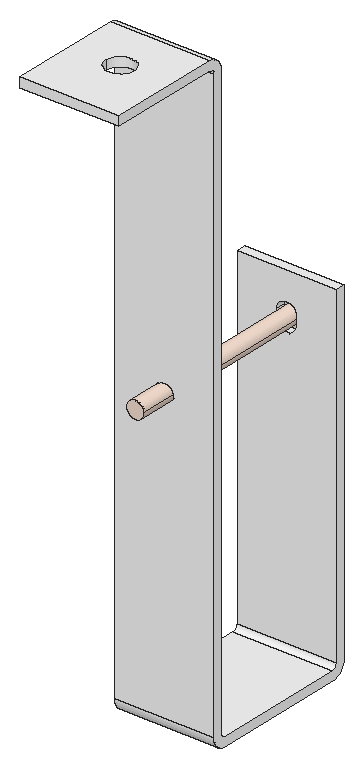
Revit family "100×50×20LGハンガー(外折れ)", category 機械設備, Revit 2020
Family settings
  丸型コネクタ寸法 = 直径を使用
  種別 = なし
  パーツ タイプ = 標準
  作業面ベース = いいえ
  常に垂直 = はい
  ロード時にボイドで切り取り = いいえ
  共有 = いいえ
  部屋計算ポイント = いいえ
Parameters
  製造元 = "株式会社桐井製作所"
  既定の高さ = 0 mm
  URL = "https://www.kirii.co.jp/"
  K_材質 = "SGHC　一般用"
  K_品名 = "100×50×20LGハンガー(外折れ)"
  K_名称 = "その他ハンガー"
  K_入数 = "50"
  K_バージョン情報 = "20211012"
  K_めっき付着量 = "Z12"
  K_JIS規格 = "JIS G 3302"
Reference planes
  plane 1 "中心(正面/背面)": y = 0
  plane 2: z = 0
  plane 3 "中心(左/右)": x = 0
  plane 4: x = 17.5
  plane 5: x = -17.5
Forms (mm)
  Extrusion 1, solid
    sketch origin (0, 0, 0) x (0, 1, 0) y (0, 0, 1)
      loop
        line (0, 1.8) -> (0, 211.8)
        arc (0, 211.8) -> (-1.464, 215.336) -> (-5, 216.8) r 5
        line (-5, 216.8) -> (-45, 216.8) -> (-45, 213.6) -> (-5, 213.6)
        arc (-5, 213.6) -> (-3.727, 213.073) -> (-3.2, 211.8) r 1.8
        line (-3.2, 211.8) -> (-3.2, 1.8)
        arc (-3.2, 1.8) -> (-1.736, -1.736) -> (1.8, -3.2) r 5
        line (1.8, -3.2) -> (49.2, -3.2)
        arc (49.2, -3.2) -> (52.736, -1.736) -> (54.2, 1.8) r 5
        line (54.2, 1.8) -> (54.2, 119.8) -> (51, 119.8) -> (51, 1.8)
        arc (51, 1.8) -> (50.473, 0.527) -> (49.2, 0) r 1.8
        line (49.2, 0) -> (1.8, 0)
        arc (1.8, 0) -> (0.527, 0.527) -> (0, 1.8) r 1.8
    from -17.5 to 17.5
  Extrusion 2, void
    sketch origin (0, 0, 0) x (1, 0, 0) y (0, 1, 0)
      loop
        circle (0, -22.5) r 5
    from 213.6 to 216.8
  Extrusion 3, void
    sketch origin (0, 0, 25) x (1, 0, 0) y (0, 0, 1)
      loop
        circle (0, 79.96) r 3
    from 0 to 3.2
  Extrusion 4, void
    sketch origin (0, 15, 40.04) x (1, 0, 0) y (0, 0, 1)
      loop
        arc (3.5, 66.5) -> (0, 70) -> (-3.5, 66.5) r 3.5
        line (-3.5, 66.5) -> (-3.5, 63.5)
        arc (-3.5, 63.5) -> (0, 60) -> (3.5, 63.5) r 3.5
        line (3.5, 63.5) -> (3.5, 66.5)
    from -39.2 to -36
Cuts and joins
  Extrusion 2, Extrusion 3, Extrusion 4 cuts Extrusion 1
Dimensions and locks
  aligned and locked: level to plane 2
Nested families
  nested 1: "M6×70ボルト" at (-0.011, 54.2, 105.16) x (-1, 0, 0) z (0, 0, 1), type "M6×70ボルト"
Definition of nested family "M6×70ボルト"
  Parameters (values of type "M6×70ボルト")
    Manufacturer = "株式会社桐井製作所"
    Default Elevation = 0 mm
    URL = "https://www.kirii.co.jp/"
    K_名称 = "M6×70ボルト"
  Reference planes
    plane 1 "中心(正面/背面)": y = 0
    plane 2: z = 0
    plane 3 "中心(左/右)": x = 0
    plane 4 "正面": y = -4
  Forms (mm)
    Extrusion 1, solid
      sketch origin (0, 0, 0) x (1, 0, 0) y (0, 0, 1)
        loop
          line (-4.763, -2.946) -> (0, -5.696) -> (4.763, -2.946) -> (4.763, 2.554) -> (0, 5.304) -> (-4.763, 2.554) -> (-4.763, -2.946)
      from 0 to 4
    Extrusion 2, void
      sketch origin (0, -4, 0) x (-1, 0, 0) y (0, 0, 1)
        loop
          circle (0, -0.156) r 4.396
      from 0 to 1
    Extrusion 3, void
      sketch origin (0, -4, 0) x (-1, 0, 0) y (0, 0, 1)
        loop
          arc (-0.6, 1.814) -> (-1.069, 0.856) -> (-2.036, 0.404) r 1.605
          line (-2.036, 0.404) -> (-2.939, 0.404)
          arc (-2.939, 0.404) -> (-3, -0.195) -> (-2.94, -0.795) r 3
          line (-2.94, -0.795) -> (-2.049, -0.795)
          arc (-2.049, -0.795) -> (-1.074, -1.243) -> (-0.6, -2.206) r 1.605
          line (-0.6, -2.206) -> (-0.6, -3.135)
          arc (-0.6, -3.135) -> (0, -3.196) -> (0.6, -3.135) r 3
          line (0.6, -3.135) -> (0.6, -2.206)
          arc (0.6, -2.206) -> (1.074, -1.243) -> (2.049, -0.795) r 1.605
          line (2.049, -0.795) -> (2.94, -0.795)
          arc (2.94, -0.795) -> (3, -0.198) -> (2.941, 0.398) r 3
          line (2.941, 0.398) -> (2.117, 0.398)
          arc (2.117, 0.398) -> (1.098, 0.828) -> (0.6, 1.814) r 1.605
          line (0.6, 1.814) -> (0.6, 2.743)
          arc (0.6, 2.743) -> (0, 2.804) -> (-0.6, 2.743) r 3
          line (-0.6, 2.743) -> (-0.6, 1.814)
      from 0 to 2
    Extrusion 4, solid
      sketch origin (0, 0, 0) x (1, 0, 0) y (0, 0, 1)
        loop
          circle (-0.011, -0.2) r 3
      from 0 to -70
  Cuts and joins
    Extrusion 2, Extrusion 3 cuts Extrusion 1
    joined: Extrusion 1, Extrusion 4
  Dimensions and locks
    aligned and locked: level to plane 2
